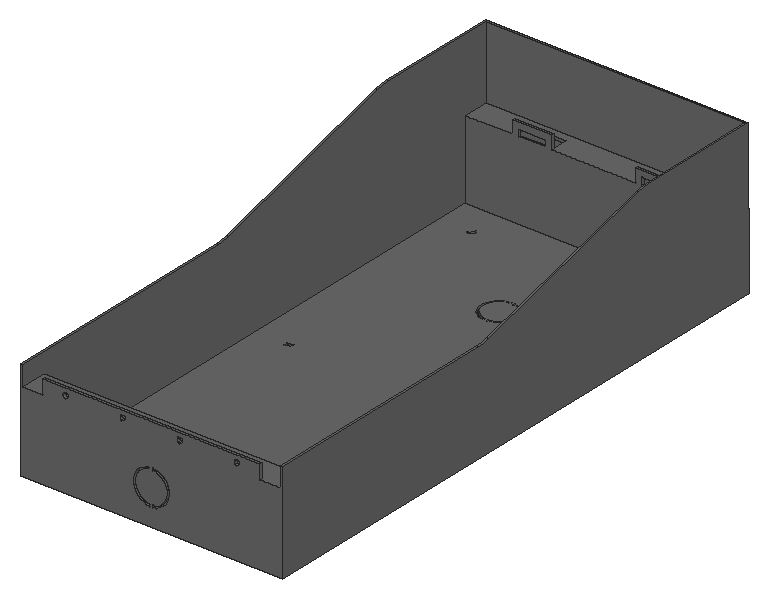
Revit family "BR-AA14", category Устройства связи, Revit 2022
Family settings
  Размер круглого соединителя = Использовать диаметр
  Тип детали = Нормальный
  На основе рабочей плоскости = Да
  Всегда вертикально = Нет
  При загрузке вырезать с полостями = Нет
  Сохранять ориентацию аннотаций = Нет
  Общий = Да
  Точка принадлежности помещению = Нет
Parameters (values of type "BR-AA14")
  Цветовое решение = "Gold, Silver, Black"
  Размеры = "184х407х107 мм"
  Default Elevation = 0 mm
  Описание = "Кронштейн с козырьком для накладного монтажа для многоквартирных панелей AА-14FB."
  Материал корпуса = Материал черный
  Корпус = "Металлический"
  Изображение типоразмера = <Нет>
  Изготовитель = "BAS-IP"
  Группа модели = "Кронштейн для накладного монтажа с козырьком BR-AA14"
  URL = "https://www.bas-ip.ru"
  Email разработчика семейства = "lytvynchukartur@gmail.com"
  BIM library = "https://bimlib.ru/manufacturer/"
  ADSK_Размер_Ширина = 184 mm
  ADSK_Размер_Толщина = 107 mm
  ADSK_Размер_Длина = 407 mm
  ADSK_Примечание = ""
  ADSK_Позиция = ""
  ADSK_Обозначение = ""
  ADSK_Наименование краткое = "BR-AA14"
  ADSK_Наименование = "Кронштейн для накладного монтажа с козырьком BR-AA14"
  ADSK_Масса_Текст = ""
  ADSK_Марка = "BR-AA14"
  ADSK_Код изделия = ""
  ADSK_Зона = ""
  ADSK_Завод-изготовитель = "BAS-IP"
  ADSK_Единица измерения = "шт"
  ADSK_Версия Revit = "Revit 2020"  # constant formula
  ADSK_URL страницы изделия = "https://www.bas-ip.ru/catalog/accessories/br-aa14/"
  ADSK_URL документации изделия = "-"
Reference planes
  plane 1 "По центру (Вперед/Назад)": y = 0
  plane 2: z = 0
  plane 3 "По центру (Влево/Вправо)": x = 0
Forms (mm)
  Extrusion 1, solid, material "Материал черный" <- "Материал корпуса"
    sketch origin (522.897, 74.335, -2.742) x (1, 0, 0) y (0, 1, 0)
      loop
        line (-614.897, 129.165) -> (-614.897, -277.835) -> (-430.897, -277.835) -> (-430.897, 129.165) -> (-614.897, 129.165)
      loop
        line (-457.397, -71.835) -> (-457.397, -76.835) -> (-454.397, -76.835) -> (-454.397, -71.835) -> (-457.397, -71.835)
      loop
        line (-587.397, -75.835) -> (-587.397, -72.835) -> (-592.397, -72.835) -> (-592.397, -75.835) -> (-587.397, -75.835)
      loop
        line (-458.726, 86.858) -> (-455.19, 83.322) -> (-453.069, 85.443) -> (-456.604, 88.979) -> (-458.726, 86.858)
      loop
        line (-587.069, 86.858) -> (-589.19, 88.979) -> (-592.726, 85.443) -> (-590.604, 83.322) -> (-587.069, 86.858)
      loop
        line (-458.726, -235.528) -> (-456.604, -237.65) -> (-453.069, -234.114) -> (-455.19, -231.993) -> (-458.726, -235.528)
      loop
        line (-587.069, -235.528) -> (-590.604, -231.993) -> (-592.726, -234.114) -> (-589.19, -237.65) -> (-587.069, -235.528)
      loop
        arc (-523.897, 38.625) -> (-535.397, 26.165) -> (-523.897, 13.705) r 12.5
        line (-523.897, 13.705) -> (-523.897, 15.21)
        arc (-523.897, 15.21) -> (-533.897, 26.165) -> (-523.897, 37.119) r 11
        line (-523.897, 37.119) -> (-523.897, 38.625)
      loop
        arc (-521.897, 37.119) -> (-511.897, 26.165) -> (-521.897, 15.21) r 11
        line (-521.897, 15.21) -> (-521.897, 13.705)
        arc (-521.897, 13.705) -> (-510.397, 26.165) -> (-521.897, 38.625) r 12.5
        line (-521.897, 38.625) -> (-521.897, 37.119)
      loop
        arc (-523.897, -183.375) -> (-535.397, -195.835) -> (-523.897, -208.295) r 12.5
        line (-523.897, -208.295) -> (-523.897, -206.79)
        arc (-523.897, -206.79) -> (-533.897, -195.835) -> (-523.897, -184.881) r 11
        line (-523.897, -184.881) -> (-523.897, -183.375)
      loop
        arc (-521.897, -184.881) -> (-511.897, -195.835) -> (-521.897, -206.79) r 11
        line (-521.897, -206.79) -> (-521.897, -208.295)
        arc (-521.897, -208.295) -> (-510.397, -195.835) -> (-521.897, -183.375) r 12.5
        line (-521.897, -183.375) -> (-521.897, -184.881)
    from 2.742 to 4.2
  Extrusion 2, solid, material "Материал черный" <- "Материал корпуса"
    sketch origin (0, 0, 0) x (0, 1, 0) y (0, 0, 1)
      loop
        line (203.5, 0) -> (203.5, 107) -> (117.5, 107)
        arc (117.5, 107) -> (112.542, 106.676) -> (107.666, 105.722) r 38.84
        line (107.666, 105.722) -> (-23.18, 71.142)
        arc (-23.18, 71.142) -> (-27.539, 70.303) -> (-31.969, 70) r 36.443
        line (-31.969, 70) -> (-203.5, 70) -> (-203.5, 0) -> (203.5, 0)
    from -92 to -90.5
  Extrusion 3, solid, material "Материал черный" <- "Материал корпуса"
    sketch origin (183, 0, 0) x (0, 1, 0) y (0, 0, 1)
      loop
        line (203.5, 0) -> (203.5, 107) -> (117.5, 107)
        arc (117.5, 107) -> (112.542, 106.676) -> (107.666, 105.722) r 38.84
        line (107.666, 105.722) -> (-23.18, 71.142)
        arc (-23.18, 71.142) -> (-27.539, 70.303) -> (-31.969, 70) r 36.443
        line (-31.969, 70) -> (-203.5, 70) -> (-203.5, 0) -> (203.5, 0)
    from -92.5 to -91
  Extrusion 4, solid, material "Материал черный" <- "Материал корпуса"
    sketch origin (0, 0, 0) x (1, 0, 0) y (0, 0, 1)
      loop
        line (-92, 0) -> (92, 0) -> (92, 107) -> (-92, 107) -> (-92, 0)
    from -203.5 to -202
  Extrusion 5, solid, material "Материал черный" <- "Материал корпуса"
    sketch origin (16.697, 0, 0) x (0, 1, 0) y (0, 0, 1)
      loop
        line (183.5, 56.5) -> (183.5, 1.458) -> (185, 1.458) -> (185, 55) -> (202, 55) -> (202, 56.5) -> (183.5, 56.5)
    from -107.197 to 73.803
  Extrusion 6, void
    sketch origin (0, 0, 0) x (1, 0, 0) y (0, 1, 0)
      loop
        line (-57, 195.5) -> (-57, 185) -> (-29.5, 185) -> (-29.5, 195.5) -> (-57, 195.5)
    from 52.441 to 56.5
  Extrusion 7, void
    sketch origin (0, 0, 0) x (-1, 0, 0) y (0, -1, 0)
      loop
        line (-57, -195.5) -> (-29.5, -195.5) -> (-29.5, -185) -> (-57, -185) -> (-57, -195.5)
    from 52.441 to 56.5
  Extrusion 8, solid, material "Материал черный" <- "Материал корпуса"
    sketch origin (0, 0, 0) x (1, 0, 0) y (0, 0, 1)
      loop
        line (57, 56.5) -> (57, 65.5) -> (29.5, 65.5) -> (29.5, 56.5) -> (33.5, 56.5) -> (33.5, 61.5) -> (53, 61.5) -> (53, 56.5) -> (57, 56.5)
    from -185 to -183.5
  Extrusion 9, solid, material "Материал черный" <- "Материал корпуса"
    sketch origin (0, 0, 0) x (-1, 0, 0) y (0, 0, -1)
      loop
        line (57, -56.5) -> (53, -56.5) -> (53, -61.5) -> (33.5, -61.5) -> (33.5, -56.5) -> (29.5, -56.5) -> (29.5, -65.5) -> (57, -65.5) -> (57, -56.5)
    from -185 to -183.5
  Extrusion 10, solid, material "Материал черный" <- "Материал корпуса"
    sketch origin (16.697, 300.76, 0) x (0, -1, 0) y (0, 0, -1)
      loop
        line (485.76, -56.5) -> (504.26, -56.5) -> (504.26, -1.458) -> (502.76, -1.458) -> (502.76, -55) -> (487.26, -55) -> (487.26, -1.458) -> (485.76, -1.458) -> (485.76, -56.5)
    from -107.197 to 73.803
  Extrusion 11, solid, material "Материал черный" <- "Материал корпуса"
    sketch origin (0, -405.5, 0) x (1, 0, 0) y (0, 0, 1)
      loop
        line (-76, 56.5) -> (76, 56.5) -> (76, 66.5) -> (-76, 66.5) -> (-76, 56.5)
      loop
        circle (-60, 61.5) r 2
      loop
        circle (-20, 61.5) r 2
      loop
        circle (60, 61.5) r 2
      loop
        circle (20, 61.5) r 2
    from -203.5 to -202
  Extrusion 12, void
    sketch origin (19.682, -405.5, -22.641) x (1, 0, 0) y (0, 0, 1)
      loop
        circle (-19.682, 47.641) r 12.5
    from -225 to -214
  Extrusion 13, void
    sketch origin (19.682, -422.562, -22.641) x (1, 0, 0) y (0, 0, 1)
      loop
        line (-18.682, 60.101) -> (-18.682, 58.596)
        arc (-18.682, 58.596) -> (-8.682, 47.641) -> (-18.682, 36.687) r 11
        line (-18.682, 36.687) -> (-18.682, 35.181)
        arc (-18.682, 35.181) -> (-7.182, 47.641) -> (-18.682, 60.101) r 12.5
      loop
        line (-20.682, 58.596) -> (-20.682, 60.101)
        arc (-20.682, 60.101) -> (-32.182, 47.641) -> (-20.682, 35.181) r 12.5
        line (-20.682, 35.181) -> (-20.682, 36.687)
        arc (-20.682, 36.687) -> (-30.682, 47.641) -> (-20.682, 58.596) r 11
    from -225.336 to -214
Cuts and joins
  Extrusion 6 cuts Extrusion 1
  Extrusion 6, Extrusion 7 cuts Extrusion 5
  Extrusion 12, Extrusion 13 cuts Extrusion 10
  joined: Extrusion 1, Extrusion 2, Extrusion 3, Extrusion 4, Extrusion 5, Extrusion 8, Extrusion 9, Extrusion 10, Extrusion 11
Dimensions and locks
  aligned and locked: level to plane 2
